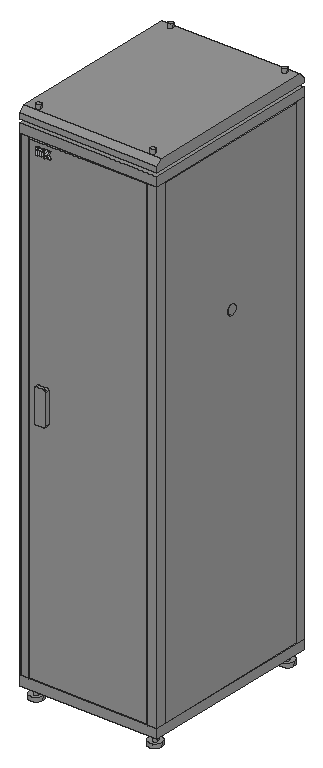
Revit family "ITK Шкаф сетевой 19 LINEA N 18U (600х600 мм и 600х800 мм) с металлической передней дверью", category Электрооборудование, Revit 2016
Family settings
  Тип детали = Другая панель
  Размер круглого соединителя = Использовать диаметр
  Номер OmniClass = 23.80.30.11.17
  Заголовок OmniClass = Distribution Boards and Control Panels
  На основе рабочей плоскости = Нет
  Всегда вертикально = Да
  При загрузке вырезать с полостями = Нет
  Общий = Нет
  Точка расчета площади = Нет
Parameters
  Ширина УГО = Ширина / 100  # 6 mm
  Ширина = 600 mm
  Степень защиты = "IP20"
  Смещение УГО по оси X [instance] = 1000 mm
  Основание = 50 mm
  Описание = "Напольные 19-дюймовые шкафы серии LINEA N применяются для размещения различного телекоммуникационного 19-дюймового активного и пассивного оборудования и небольших серверов, а также специализированного оборудования стандарта 19 дюймов, и отлично подходят для размещения как в офисных помещениях, так и в специализированных серверных комнатах.\r\n\r\nШирокий диапазон типоразмеров и модификаций сетевых шкафов, а также наличие большого количества комплектующих и аксессуаров к ним позволяет заказчику подобрать необходимую спецификацию в соответствии со стоящими перед ним задачами, а соответствие международным стандартам, таким как ISO9001, IEC 297, ISO/IEC 1180, обеспечивает совместимость с компонентами СКС и оборудованием других производителей.\r\n\r\nШкафы LINEA N обладают современным привлекательным дизайном и технологичной, но в то же время простой и удобной конструкцией, которая дает возможность эффективно справляться с задачами быстрого монтажа, администрирования и оперативного изменения конфигурации 19-дюймового оборудования, задачей защиты этого оборудования и поддержания для него оптимального температурного режима. Доступ внутрь шкафа возможен со всех сторон, для ввода кабеля предусмотрены вводы в верхней и нижней части. Сборка шкафа осуществляется одним специалистом и занимает не более 20 минут.\r\nРегулируемые по глубине 19-дюймовые направляющие.\r\nСовременный привлекательный дизайн.\r\nМонтажные профили имеют разметку в юнитах (U).\r\nХорошая естественная вентиляция, возможность установки дополнительных вентиляторных модулей.\r\nБоковые стенки оснащены замком и защелками.\r\nВозможность замены регулируемых ножек на ролики с тормозом.\r\nСтатическая нагрузка до 1000 кг (ножки).\r\nСборка одним человеком за 20 минут.\r\nНаличие большого количества совместимых аксессуаров и комплектующих производства ITK.\r\nВозможно исполнение в двух цветах: сером (RAL7035) и черном (RAL9005).\r\nРасширенная гарантия до 10 лет."  # constant formula
  Материал = Окраска - RAL 7035
  Крышка вентиляционная = 60 mm
  Type Comments = " "
  Assembly Code = ""
  Изготовитель = "ITK"  # constant formula
  Засечка УГО = 1.2 mm  # constant formula
  Model = ""
  Глубина УГО = Глубина / 100  # 8 mm
  Глубина = 800 mm
  Высота = 2312 mm
  Вид установки = "Напольный"
  URL = "http://www.itk-group.ru/produktsiya/catalog/?page=section&id=450&pagen=1&pagec=100"
  ADSK_Ток = ADSK_Номинальная мощность / (ADSK_Коэффициент мощности * ADSK_Напряжение * sqrt(ADSK_Количество фаз числовое))  # 0 A
  ADSK_Примечание = ""
  ADSK_Полная мощность = ADSK_Номинальная мощность / ADSK_Коэффициент мощности  # 0 VA
  ADSK_Позиция [instance] = ""
  ADSK_Номинальная мощность = 0 W
  ADSK_Напряжение = 220 V
  ADSK_Наименование краткое = "LN35-47U68-M"
  ADSK_Наименование = "ITK Шкаф сетевой 19\" LINEA N 47U 600х800 мм, металлическая передняя дверь, серый"
  ADSK_Масса = 0
  ADSK_Марка = "LN35-47U68-M"
  ADSK_Коэффициент мощности = 1
  ADSK_Количество фаз числовое = 1
  ADSK_Количество фаз = 1
  ADSK_Код изделия = ""
  ADSK_Классификация нагрузок = Прочее
  ADSK_Завод-изготовитель = "IEK"
  ADSK_Единица измерения = "шт"
  ADSK_Группирование = "I. ЩИТЫ И ПУЛЬТЫ"
Reference planes
  plane 1 "По центру (Вперед/Назад)": y = 0
  plane 2: z = 0
  plane 3 "По центру (Влево/Вправо)": x = 0
  plane 4: x = -300
  plane 5: x = 300
  plane 6: y = 400
  plane 7: y = -400
  plane 8: z = 2312
  plane 9: z = 250
  plane 10: z = 2252
  plane 11: z = 50
  plane 12 "Смещение УГО по оси X": x = -1000
Forms (mm)
  Extrusion 1, solid, detail levels coarse+medium
    sketch origin (0, 0, 0) x (1, 0, 0) y (0, 1, 0)
      loop
        line (-300, 400) -> (-300, -400) -> (300, -400) -> (300, 400) -> (-300, 400)
    from 0 to 2312 <- "Высота"
Lines and regions (mm)
  reference lines
    curve 1: line (0, 143.024, 0) -> (0, -296.976, 0)
Dimensions and locks
  equal spacing: plane 7, plane 1 "По центру (Вперед/Назад)", plane 6
  "Глубина": plane 7 to plane 6
  equal spacing: plane 4, plane 3 "По центру (Влево/Вправо)", plane 5
  "Ширина": plane 4 to plane 5
  "Крышка вентиляционная": plane 8 to plane 10
  "Основание": plane 11 to plane 2
  "Высота": plane 8 to plane 2
  plane 12 "Смещение УГО по оси X" to plane 3 "По центру (Влево/Вправо)" = 1000 mm
  "Смещение УГО по оси X": plane 12 "Смещение УГО по оси X" to curve 1
  aligned and locked: level to plane 2
  aligned and locked: plane 1 "По центру (Вперед/Назад)" to nested 1
  aligned and locked: plane 3 "По центру (Влево/Вправо)" to nested 1
  aligned and locked: plane 3 "По центру (Влево/Вправо)" to nested 2
  aligned and locked: plane 1 "По центру (Вперед/Назад)" to nested 2
  aligned and locked: plane 1 "По центру (Вперед/Назад)" to nested 3
  aligned and locked: plane 3 "По центру (Влево/Вправо)" to nested 3
  aligned and locked: plane 1 "По центру (Вперед/Назад)" to nested 4
  aligned and locked: plane 3 "По центру (Влево/Вправо)" to nested 4
  aligned and locked: plane 3 "По центру (Влево/Вправо)" to nested 5
  aligned and locked: plane 1 "По центру (Вперед/Назад)" to nested 5
  aligned and locked: plane 1 "По центру (Вперед/Назад)" to nested 6
  aligned and locked: plane 3 "По центру (Влево/Вправо)" to nested 6
  aligned and locked: plane 1 "По центру (Вперед/Назад)" to nested 7
  aligned and locked: plane 3 "По центру (Влево/Вправо)" to nested 7
  aligned and locked: Extrusion 1 sketch curve to plane 4
  aligned and locked: Extrusion 1 sketch curve to plane 6
  aligned and locked: plane 7 to Extrusion 1 sketch curve
  aligned and locked: plane 5 to Extrusion 1 sketch curve
  aligned and locked: Extrusion 1 to level
  aligned and locked: plane 1 "По центру (Вперед/Назад)" to nested 8
  aligned and locked: nested 1 to nested 4
  aligned and locked: nested 8 to curve 1
Automatic sketch dimensions
  curve 1 to plane 7 = 103.024 mm
  curve 1 to plane 1 "По центру (Вперед/Назад)" = 143.024 mm
Nested families
  nested 1: "Стойка_комплект 4шт" at (0, 0, 0), type "Стойка_комплект 4шт", detail levels fine
    with Основание 50 mm, Глубина 800 mm, Высота 2312 mm
  nested 2: "Панель боковая_2шт" at (0, 0, 0), type "Панель боковая_2шт", detail levels fine
    with Основание 50 mm, Крыша вентиляционная 60 mm, Глубина 800 mm, Высота 2312 mm
  nested 3: "Панель задняя" at (0, 0, 0), type "Панель задняя", detail levels fine
    with Основание 50 mm, Крыша вентиляционная 60 mm, Глубина 800 mm, Высота 2312 mm
  nested 4: "Основание_2шт" at (0, 0, 0), type "Основание_2шт", detail levels fine
    with Крыша вентиляционная 60 mm, Глубина 800 mm, Высота 2312 mm
  nested 5: "Крыша вентиляционная" at (0, 0, 0), type "Крыша вентиляционная", detail levels fine
    with Крыша вентиляционная 60 mm, Глубина 800 mm, Высота 2312 mm
  nested 6: "Ножки" at (0, 0, 0), type "Ножки", detail levels fine
    with Крыша вентиляционная 60 mm, Глубина 800 mm, Высота 2312 mm
  nested 7: "Комплект двери металлической" at (0, 0, 0), type "Комплект двери металлической", detail levels fine
  nested 8: "УГО (одна дверь)" at (0, 0, 0), type "УГО (одна дверь)", detail levels coarse+medium
    with Ширина УГО 6 mm, Засечка УГО 1.2 mm, Глубина УГО 8 mm
Connectors
  electrical at (0, 400, 1156), driven by "ADSK_Напряжение", driven by "ADSK_Количество фаз", driven by "ADSK_Коэффициент мощности", driven by "ADSK_Классификация нагрузок", driven by "ADSK_Полная мощность"
    settings: on Extrusion 1, index 1, voltage 220 V, apparent load 0 VA, apparent load phase1 0 VA, apparent load phase2 0 VA, apparent load phase3 0 VA, power factor 1, load classification "Прочее", number of poles 1, system type 31, power factor state 1, is connector primary yes, connector utility no, sub classification motor no, connector description ""
Definition of nested family "Стойка_комплект 4шт"
  Parameters
    Ширина = 600 mm
    Основание = 150 mm
    Материал = none
    Крыша вентиляционная = 60 mm
    Глубина = 600 mm
    Высота = 2200 mm
  Reference planes
    plane 1 "По центру (Вперед/Назад)": y = 0
    plane 2: z = 0
    plane 3 "По центру (Влево/Вправо)": x = 0
    plane 4: x = -300
    plane 5: x = 300
    plane 6: y = 300
    plane 7: y = -300
    plane 8: y = 260
    plane 9: y = -260
    plane 10: x = -260
    plane 11: x = 260
    plane 12: z = 2100
    plane 13: z = 190
    plane 14: z = 150
    plane 15: z = 2140
    plane 16: z = 2200
  Forms (mm)
    Extrusion 1, solid, material <- "Материал"
      sketch origin (0, 0, 0) x (1, 0, 0) y (0, 1, 0)
        loop
          line (-300, -260) -> (-300, -300) -> (-260, -300) -> (-260, -280) -> (-245, -280) -> (-245, -260) -> (-260, -260) -> (-260, -245) -> (-270, -245) -> (-270, -260) -> (-300, -260)
        loop
          line (300, -260) -> (270, -260) -> (270, -245) -> (260, -245) -> (260, -260) -> (245, -260) -> (245, -280) -> (260, -280) -> (260, -300) -> (300, -300) -> (300, -260)
        loop
          line (300, 260) -> (300, 300) -> (260, 300) -> (260, 270) -> (245, 270) -> (245, 260) -> (260, 260) -> (260, 245) -> (270, 245) -> (270, 260) -> (300, 260)
        loop
          line (-300, 260) -> (-270, 260) -> (-270, 245) -> (-260, 245) -> (-260, 260) -> (-245, 260) -> (-245, 270) -> (-260, 270) -> (-260, 300) -> (-300, 300) -> (-300, 260)
        loop
          line (297, 297) -> (263, 297) -> (263, 267) -> (248, 267) -> (248, 263) -> (263, 263) -> (263, 248) -> (267, 248) -> (267, 263) -> (297, 263) -> (297, 297)
        loop
          line (-263, 297) -> (-297, 297) -> (-297, 263) -> (-267, 263) -> (-267, 248) -> (-263, 248) -> (-263, 263) -> (-248, 263) -> (-248, 267) -> (-263, 267) -> (-263, 297)
        loop
          line (-297, -263) -> (-297, -297) -> (-263, -297) -> (-263, -277) -> (-248, -277) -> (-248, -263) -> (-263, -263) -> (-263, -248) -> (-267, -248) -> (-267, -263) -> (-297, -263)
        loop
          line (263, -297) -> (297, -297) -> (297, -263) -> (267, -263) -> (267, -248) -> (263, -248) -> (263, -263) -> (248, -263) -> (248, -277) -> (263, -277) -> (263, -297)
      from 190 to 2100
  Dimensions and locks
    equal spacing: plane 7, plane 1 "По центру (Вперед/Назад)", plane 6
    equal spacing: plane 4, plane 3 "По центру (Влево/Вправо)", plane 5
    "Ширина": plane 4 to plane 5
    "Глубина": plane 7 to plane 6
    locked: plane 7 to plane 9 at 40
    locked: plane 6 to plane 8 at 40
    locked: plane 11 to plane 5 at 40
    locked: plane 4 to plane 10 at 40
    locked: plane 15 to plane 12 at 40
    "Крыша вентиляционная": plane 16 to plane 15
    locked: plane 13 to plane 14 at 40
    "Основание": plane 14 to plane 2
    "Высота": plane 16 to plane 2
    aligned and locked: level to plane 2
    aligned and locked: plane 9 to Extrusion 1 sketch curve
    aligned and locked: plane 4 to Extrusion 1 sketch curve
    aligned and locked: Extrusion 1 sketch curve to plane 7
    aligned and locked: plane 5 to Extrusion 1 sketch curve
    aligned and locked: plane 8 to Extrusion 1 sketch curve  (x2)
    aligned and locked: Extrusion 1 sketch curve to plane 11  (x2)
    aligned and locked: Extrusion 1 sketch curve to plane 6
    aligned and locked: plane 10 to Extrusion 1 sketch curve  (x2)
    aligned and locked: Extrusion 1 sketch curve to plane 8  (x2)
    aligned and locked: plane 6 to Extrusion 1 sketch curve
    aligned and locked: Extrusion 1 sketch curve to plane 4
    aligned and locked: plane 7 to Extrusion 1 sketch curve
    aligned and locked: Extrusion 1 sketch curve to plane 5
    aligned and locked: Extrusion 1 sketch curve to plane 9
    aligned and locked: plane 11 to Extrusion 1 sketch curve
    aligned and locked: plane 12 to Extrusion 1
    aligned and locked: Extrusion 1 to plane 13
  Automatic sketch dimensions
    Extrusion 1 sketch curve to plane 10 = 0 mm  (x2)
    plane 9 to Extrusion 1 sketch curve = 0 mm  (x2)
    Extrusion 1 sketch curve to plane 11 = 0 mm
    plane 4 to Extrusion 1 sketch curve = 3 mm  (x2)
    Extrusion 1 sketch curve to plane 10 = 10 mm  (x2)
    Extrusion 1 sketch curve to Extrusion 1 sketch curve = 3 mm  (x16)
    Extrusion 1 sketch curve to plane 10 = 3 mm  (x4)
    plane 10 to Extrusion 1 sketch curve = 12 mm  (x2)
    Extrusion 1 sketch curve to Extrusion 1 sketch curve = 15 mm  (x2)
    Extrusion 1 sketch curve to plane 11 = 3 mm  (x4)
    Extrusion 1 sketch curve to Extrusion 1 sketch curve = 4 mm  (x4)
    plane 5 to Extrusion 1 sketch curve = 3 mm  (x2)
    Extrusion 1 sketch curve to plane 7 = 3 mm  (x2)
    Extrusion 1 sketch curve to plane 7 = 20 mm  (x2)
    plane 9 to Extrusion 1 sketch curve = 3 mm  (x4)
    Extrusion 1 sketch curve to plane 9 = 12 mm  (x2)
    Extrusion 1 sketch curve to plane 8 = 15 mm  (x2)
    plane 8 to Extrusion 1 sketch curve = 3 mm  (x4)
    Extrusion 1 sketch curve to plane 6 = 3 mm  (x2)
Definition of nested family "Панель боковая_2шт"
  Parameters
    Ширина = 600 mm
    Основание = 150 mm
    Материал = none
    Крыша вентиляционная = 80 mm
    Глубина = 600 mm
    Высота = 1800 mm
  Reference planes
    plane 1 "По центру (Вперед/Назад)": y = 0
    plane 2: z = 0
    plane 3 "По центру (Влево/Вправо)": x = 0
    plane 4: x = -300
    plane 5: x = 300
    plane 6: y = 300
    plane 7: y = -300
    plane 8: y = 260
    plane 9: y = -260
    plane 10: x = -260
    plane 11: x = 260
    plane 12: z = 1680
    plane 13: z = 190
    plane 14: z = 1675
    plane 15: z = 195
    plane 16: z = 150
    plane 17: z = 1720
    plane 18: z = 1800
    plane 19: z = 1250
    plane 20: z = 700
  Forms (mm)
    Extrusion 1, solid, material <- "Материал"
      sketch origin (0, 0, 0) x (1, 0, 0) y (0, 1, 0)
        loop
          line (-300, 255) -> (-300, -255) -> (-269.98, -255) -> (-269.98, -245) -> (-289.98, -245) -> (-289.98, 245) -> (-270, 245) -> (-270, 255) -> (-300, 255)
        loop
          line (300, 255) -> (269.98, 255) -> (269.98, 245) -> (289.98, 245) -> (289.98, -245) -> (269.98, -245) -> (269.98, -255) -> (300, -255) -> (300, 255)
      from 195 to 1675
  Dimensions and locks
    equal spacing: plane 7, plane 1 "По центру (Вперед/Назад)", plane 6
    equal spacing: plane 4, plane 3 "По центру (Влево/Вправо)", plane 5
    "Ширина": plane 4 to plane 5
    "Глубина": plane 7 to plane 6
    locked: plane 7 to plane 9 at 40
    locked: plane 6 to plane 8 at 40
    locked: plane 11 to plane 5 at 40
    locked: plane 4 to plane 10 at 40
    locked: plane 12 to plane 14 at 5
    locked: plane 15 to plane 13 at 5
    locked: plane 13 to plane 16 at 40
    "Основание": plane 16 to plane 2
    locked: plane 17 to plane 12 at 40
    "Крыша вентиляционная": plane 18 to plane 17
    equal spacing: plane 18, plane 19, plane 20, plane 16
    "Высота": plane 18 to plane 2
    aligned and locked: level to plane 2
    aligned and locked: plane 4 to Extrusion 1 sketch curve
    aligned and locked: Extrusion 1 sketch curve to plane 5
    aligned and locked: plane 14 to Extrusion 1
    aligned and locked: Extrusion 1 to plane 15
    aligned and locked: nested 2 to plane 1 "По центру (Вперед/Назад)"
    aligned and locked: nested 2 to plane 19
    aligned and locked: nested 1 to plane 19
    aligned and locked: plane 1 "По центру (Вперед/Назад)" to nested 1
  Automatic sketch dimensions
    plane 4 to Extrusion 1 sketch curve = 10.02 mm
    Extrusion 1 sketch curve to plane 10 = 10 mm
    Extrusion 1 sketch curve to plane 10 = 9.98 mm
    Extrusion 1 sketch curve to plane 11 = 9.98 mm  (x2)
    plane 5 to Extrusion 1 sketch curve = 10.02 mm
    Extrusion 1 sketch curve to plane 9 = 15 mm  (x2)
    Extrusion 1 sketch curve to plane 8 = 15 mm  (x2)
    Extrusion 1 sketch curve to plane 9 = 5 mm  (x2)
    Extrusion 1 sketch curve to plane 8 = 5 mm  (x2)
  Nested families
    nested 1: "Замок" at (-300, 0, 1250) x (0, -1, 0) z (-1, 0, 0), type "Замок"
    nested 2: "Замок" at (300, 0, 1250) x (0, 1, 0) z (1, 0, 0), type "Замок"
  Definition of nested family "Замок"
    Parameters
      Default Elevation = 1219.2 mm
      Материал = none
    Reference planes
      plane 1 "По центру (Вперед/Назад)": y = 0
      plane 2: z = 0
      plane 3 "По центру (Влево/Вправо)": x = 0
    Forms (mm)
      Extrusion 1, solid
        sketch origin (0, 0, 0) x (1, 0, 0) y (0, 1, 0)
          loop
            line (-1219.2, 1219.2) -> (-1219.2, -1219.2) -> (1219.2, -1219.2) -> (1219.2, 1219.2) -> (-1219.2, 1219.2)
        from 0 to -304.8
      Extrusion 2, solid, material <- "Материал"
        sketch origin (0, 0, 0) x (1, 0, 0) y (0, 1, 0)
          loop
            circle (0, 0) r 20
          loop
            line (3, 8.219) -> (-3, 8.219) -> (-3, -8.219) -> (3, -8.219) -> (3, 8.219)
        from 0 to 7
    Dimensions and locks
      aligned and locked: plane 2 to Extrusion 1
      aligned and locked: level to Extrusion 1
Definition of nested family "Панель задняя"
  Parameters
    Ширина = 600 mm
    Основание = 150 mm
    Материал = none
    Крыша вентиляционная = 45 mm
    Глубина = 600 mm
    Высота = 1800 mm
  Reference planes
    plane 1 "По центру (Вперед/Назад)": y = 0
    plane 2: z = 0
    plane 3 "По центру (Влево/Вправо)": x = 0
    plane 4: x = -300
    plane 5: x = 300
    plane 6: y = 300
    plane 7: y = -300
    plane 8: y = 260
    plane 9: y = -260
    plane 10: x = -260
    plane 11: x = 260
    plane 12: z = 1715
    plane 13: z = 190
    plane 14: z = 1710
    plane 15: z = 195
    plane 16: z = 1755
    plane 17: z = 1800
    plane 18: z = 150
    plane 19: z = 240
    plane 20: z = 320
    plane 21: z = 370
    plane 22: z = 1665
    plane 23: z = 1585
    plane 24: z = 1535
    plane 25: z = 952.5
    plane 26: x = 140
    plane 27: x = -140
  Forms (mm)
    Extrusion 1, solid, material <- "Материал"
      sketch origin (0, 0, 0) x (1, 0, 0) y (0, 1, 0)
        loop
          line (-255, 300) -> (-255, 270) -> (-245, 270) -> (-245, 290) -> (245, 290) -> (245, 270) -> (255, 270) -> (255, 300) -> (-255, 300)
      from 195 to 1710
    Extrusion 2, void
      sketch origin (0, 0, 0) x (1, 0, 0) y (0, 0, 1)
        loop
          line (-255, 372.527) -> (-255, 367.473) -> (255, 367.473) -> (255, 372.527) -> (-255, 372.527)
        loop
          line (-175, 320) -> (-175, 240) -> (175, 240) -> (175, 320) -> (-175, 320)
        loop
          line (-170, 245) -> (170, 245) -> (170, 315) -> (-170, 315) -> (-170, 245)
        loop
          line (-255, 1532.473) -> (255, 1532.473) -> (255, 1537.527) -> (-255, 1537.527) -> (-255, 1532.473)
        loop
          line (-175, 1585) -> (175, 1585) -> (175, 1665) -> (-175, 1665) -> (-175, 1585)
        loop
          line (-170, 1660) -> (-170, 1590) -> (170, 1590) -> (170, 1660) -> (-170, 1660)
      from -300 to -293
  Cuts and joins
    Extrusion 2 cuts Extrusion 1
  Dimensions and locks
    equal spacing: plane 7, plane 1 "По центру (Вперед/Назад)", plane 6
    equal spacing: plane 4, plane 3 "По центру (Влево/Вправо)", plane 5
    "Ширина": plane 4 to plane 5
    "Глубина": plane 7 to plane 6
    locked: plane 7 to plane 9 at 40
    locked: plane 6 to plane 8 at 40
    locked: plane 11 to plane 5 at 40
    locked: plane 4 to plane 10 at 40
    locked: plane 12 to plane 14 at 5
    locked: plane 15 to plane 13 at 5
    locked: plane 16 to plane 12 at 40
    "Крыша вентиляционная": plane 17 to plane 16
    locked: plane 13 to plane 18 at 40
    "Основание": plane 18 to plane 2
    equal spacing: Extrusion 2 sketch curve, plane 21, Extrusion 2 sketch curve
    locked: Extrusion 2 sketch curve to Extrusion 2 sketch curve at 5.053  (x2)
    equal spacing: Extrusion 2 sketch curve, plane 3 "По центру (Влево/Вправо)", Extrusion 2 sketch curve  (x2)
    locked: Extrusion 2 sketch curve to Extrusion 2 sketch curve at 350  (x2)
    locked: plane 19 to plane 13 at 50
    locked: plane 21 to plane 20 at 50
    locked: plane 20 to plane 19 at 80
    locked: plane 23 to plane 24 at 50
    locked: plane 12 to plane 22 at 50
    locked: plane 22 to plane 23 at 80
    equal spacing: Extrusion 2 sketch curve, plane 24, Extrusion 2 sketch curve
    locked: plane 27 to plane 10 at 120
    locked: plane 26 to plane 11 at 120
    "Высота": plane 17 to plane 2
    equal spacing: plane 18, plane 25, plane 16
    aligned and locked: level to plane 2
    aligned and locked: Extrusion 1 sketch curve to plane 6
    aligned and locked: plane 14 to Extrusion 1
    aligned and locked: Extrusion 1 to plane 15
    aligned and locked: Extrusion 2 sketch curve to Extrusion 1  (x2)
    aligned and locked: Extrusion 2 sketch curve to plane 20
    aligned and locked: plane 19 to Extrusion 2 sketch curve
    aligned and locked: plane 6 to Extrusion 2
    aligned and locked: Extrusion 2 sketch curve to plane 23
    aligned and locked: plane 22 to Extrusion 2 sketch curve
    aligned and locked: nested 2 to plane 25
    aligned and locked: plane 26 to nested 2
    aligned and locked: nested 1 to plane 25
    aligned and locked: nested 1 to plane 27
  Automatic sketch dimensions
    plane 10 to Extrusion 1 sketch curve = 5 mm
    Extrusion 1 sketch curve to Extrusion 1 sketch curve = 10 mm
    plane 11 to Extrusion 1 sketch curve = 15 mm
    plane 11 to Extrusion 1 sketch curve = 5 mm
    Extrusion 1 sketch curve to plane 6 = 10 mm
    plane 8 to Extrusion 1 sketch curve = 10 mm  (x2)
    plane 10 to Extrusion 2 sketch curve = 5 mm
    Extrusion 2 sketch curve to Extrusion 2 sketch curve = 5 mm  (x4)
    plane 11 to Extrusion 2 sketch curve = 5 mm
    plane 19 to Extrusion 2 sketch curve = 5 mm
    Extrusion 2 sketch curve to plane 20 = 5 mm
    plane 23 to Extrusion 2 sketch curve = 5 mm
    Extrusion 2 sketch curve to plane 22 = 5 mm
  Nested families
    nested 1: "Замок" at (-140, 300, 952.5) x (-1, 0, 0) z (0, 1, 0), type "Замок"
    nested 2: "Замок" at (140, 300, 952.5) x (-1, 0, 0) z (0, 1, 0), type "Замок"
  Definition of nested family "Замок"
    Parameters
      Default Elevation = 1219.2 mm
      Материал = none
    Reference planes
      plane 1 "По центру (Вперед/Назад)": y = 0
      plane 2: z = 0
      plane 3 "По центру (Влево/Вправо)": x = 0
    Forms (mm)
      Extrusion 1, solid
        sketch origin (0, 0, 0) x (1, 0, 0) y (0, 1, 0)
          loop
            line (-1219.2, 1219.2) -> (-1219.2, -1219.2) -> (1219.2, -1219.2) -> (1219.2, 1219.2) -> (-1219.2, 1219.2)
        from 0 to -304.8
      Extrusion 2, solid, material <- "Материал"
        sketch origin (0, 0, 0) x (1, 0, 0) y (0, 1, 0)
          loop
            circle (0, 0) r 20
          loop
            line (3, 8.219) -> (-3, 8.219) -> (-3, -8.219) -> (3, -8.219) -> (3, 8.219)
        from 0 to 7
    Dimensions and locks
      aligned and locked: plane 2 to Extrusion 1
      aligned and locked: level to Extrusion 1
Definition of nested family "Основание_2шт"
  Parameters
    Ширина = 600 mm
    Основание = 50 mm
    Материал = none
    Крыша вентиляционная = 100 mm
    Глубина = 600 mm
    Высота = 1800 mm
  Reference planes
    plane 1 "По центру (Вперед/Назад)": y = 0
    plane 2: z = 0
    plane 3 "По центру (Влево/Вправо)": x = 0
    plane 4: x = -300
    plane 5: x = 300
    plane 6: y = 300
    plane 7: y = -300
    plane 8: y = 260
    plane 9: y = -260
    plane 10: x = -260
    plane 11: x = 260
    plane 12: z = 1800
    plane 13: z = 90
    plane 14: z = 50
    plane 15: z = 1700
    plane 16: z = 1660
    plane 17: z = 1655
    plane 18: z = 95
  Forms (mm)
    Extrusion 1, solid, material <- "Материал"
      sketch origin (0, 0, 0) x (1, 0, 0) y (0, 0, 1)
        loop
          line (-300, 1700) -> (-300, 1660) -> (300, 1660) -> (300, 1700) -> (-300, 1700)
        loop
          line (-300, 90) -> (-300, 50) -> (300, 50) -> (300, 90) -> (-300, 90)
      from -300 to 300
    Extrusion 2, solid, material <- "Материал"
      sketch origin (-1511.359, -1524, 1660) x (-1, 0, 0) y (0, -1, 0)
        loop
          line (-1771.359, -1769) -> (-1771.359, -1784) -> (-1756.359, -1784) -> (-1756.359, -1814) -> (-1266.359, -1814) -> (-1266.359, -1784) -> (-1251.359, -1784) -> (-1251.359, -1769) -> (-1221.359, -1769) -> (-1221.359, -1279) -> (-1251.359, -1279) -> (-1251.359, -1264) -> (-1266.359, -1264) -> (-1266.359, -1244) -> (-1756.359, -1244) -> (-1756.359, -1264) -> (-1771.359, -1264) -> (-1771.359, -1279) -> (-1801.359, -1279) -> (-1801.359, -1769) -> (-1771.359, -1769)
      from -5 to 0
    Extrusion 3, solid, material <- "Материал"
      sketch origin (-1511.359, -1524, 384.733) x (0, 1, 0) y (1, 0, 0)
        loop
          line (1769, 1771.359) -> (1769, 1801.359) -> (1279, 1801.359) -> (1279, 1771.359) -> (1264, 1771.359) -> (1264, 1756.359) -> (1244, 1756.359) -> (1244, 1266.359) -> (1264, 1266.359) -> (1264, 1251.359) -> (1279, 1251.359) -> (1279, 1221.359) -> (1769, 1221.359) -> (1769, 1251.359) -> (1784, 1251.359) -> (1784, 1266.359) -> (1814, 1266.359) -> (1814, 1756.359) -> (1784, 1756.359) -> (1784, 1771.359) -> (1769, 1771.359)
      from 289.733 to 294.733
  Dimensions and locks
    equal spacing: plane 7, plane 1 "По центру (Вперед/Назад)", plane 6
    equal spacing: plane 4, plane 3 "По центру (Влево/Вправо)", plane 5
    "Ширина": plane 4 to plane 5
    "Глубина": plane 7 to plane 6
    locked: plane 7 to plane 9 at 40
    locked: plane 6 to plane 8 at 40
    locked: plane 11 to plane 5 at 40
    locked: plane 4 to plane 10 at 40
    "Основание": plane 14 to plane 2
    locked: plane 13 to plane 14 at 40
    locked: plane 15 to plane 16 at 40
    "Крыша вентиляционная": plane 12 to plane 15
    locked: plane 16 to plane 17 at 5
    locked: plane 18 to plane 13 at 5
    "Высота": plane 12 to plane 2
    aligned and locked: level to plane 2
    aligned and locked: Extrusion 1 sketch curve to plane 15
    aligned and locked: plane 4 to Extrusion 1 sketch curve  (x2)
    aligned and locked: plane 16 to Extrusion 1 sketch curve
    aligned and locked: plane 5 to Extrusion 1 sketch curve  (x2)
    aligned and locked: Extrusion 1 sketch curve to plane 13
    aligned and locked: plane 14 to Extrusion 1 sketch curve
    aligned and locked: plane 6 to Extrusion 1
    aligned and locked: plane 7 to Extrusion 1
    aligned and locked: plane 9 to Extrusion 2 sketch curve
    aligned and locked: Extrusion 2 sketch curve to plane 9
    aligned and locked: Extrusion 2 sketch curve to plane 10
    aligned and locked: plane 11 to Extrusion 2 sketch curve
    aligned and locked: Extrusion 2 sketch curve to plane 11
    aligned and locked: plane 8 to Extrusion 2 sketch curve
    aligned and locked: Extrusion 2 sketch curve to plane 8
    aligned and locked: plane 10 to Extrusion 2 sketch curve
    aligned and locked: plane 16 to Extrusion 2
    aligned and locked: Extrusion 2 to plane 17
    aligned and locked: Extrusion 3 to plane 13
    aligned and locked: plane 18 to Extrusion 3
    aligned and locked: Extrusion 2 sketch curve to Extrusion 3
  Automatic sketch dimensions
    plane 5 to Extrusion 2 sketch curve = 10 mm
    Extrusion 2 sketch curve to Extrusion 2 sketch curve = 15 mm  (x2)
    plane 10 to Extrusion 2 sketch curve = 15 mm  (x2)
    plane 4 to Extrusion 2 sketch curve = 10 mm
    Extrusion 2 sketch curve to plane 6 = 10 mm
    Extrusion 2 sketch curve to plane 8 = 15 mm  (x2)
    Extrusion 2 sketch curve to plane 9 = 15 mm  (x2)
    plane 9 to Extrusion 3 sketch curve = 0 mm  (x2)
    Extrusion 3 sketch curve to plane 11 = 0 mm  (x2)
    Extrusion 3 sketch curve to plane 10 = 0 mm  (x2)
    Extrusion 3 sketch curve to plane 8 = 0 mm  (x2)
    Extrusion 3 sketch curve to plane 7 = 20 mm
    Extrusion 3 sketch curve to plane 9 = 15 mm  (x2)
    Extrusion 3 sketch curve to Extrusion 3 sketch curve = 15 mm  (x3)
    Extrusion 3 sketch curve to plane 8 = 15 mm
    Extrusion 3 sketch curve to plane 6 = 10 mm
    plane 5 to Extrusion 3 sketch curve = 10 mm
    plane 10 to Extrusion 3 sketch curve = 15 mm  (x2)
    plane 4 to Extrusion 3 sketch curve = 10 mm
Definition of nested family "Крыша вентиляционная"
  Parameters
    Ширина = 600 mm
    Основание = 50 mm
    Материал = none
    Крыша вентиляционная = 65 mm
    Глубина = 600 mm
    Высота = 1805 mm
  Reference planes
    plane 1 "По центру (Вперед/Назад)": y = 0
    plane 2: z = 0
    plane 3 "По центру (Влево/Вправо)": x = 0
    plane 4: x = -300
    plane 5: x = 300
    plane 6: y = 300
    plane 7: y = -300
    plane 8: y = 260
    plane 9: y = -260
    plane 10: x = -260
    plane 11: x = 260
    plane 12: z = 1805
    plane 13: z = 50
    plane 14: z = 1740
    plane 15: z = 1820
    plane 16: z = 1755
  Forms (mm)
    Extrusion 1, solid, material <- "Материал"
      sketch origin (-1511.359, -1524, 1710) x (-1, 0, 0) y (0, -1, 0)
        loop
          circle (-1761.359, -1784) r 10
        loop
          circle (-1761.359, -1264) r 10
        loop
          circle (-1261.359, -1784) r 10
        loop
          circle (-1261.359, -1264) r 10
      from 30 to 110
    Extrusion 2, solid, material <- "Материал"
      sketch origin (0, 0, 0) x (0, 1, 0) y (0, 0, 1)
        loop
          line (-275, 1805) -> (-300, 1780) -> (-300, 1755) -> (300, 1755) -> (300, 1780) -> (275, 1805) -> (-275, 1805)
      from -300 to 300
  Cuts and joins
    joined: Extrusion 1, Extrusion 2
  Dimensions and locks
    equal spacing: plane 7, plane 1 "По центру (Вперед/Назад)", plane 6
    equal spacing: plane 4, plane 3 "По центру (Влево/Вправо)", plane 5
    "Ширина": plane 4 to plane 5
    "Глубина": plane 7 to plane 6
    locked: plane 7 to plane 9 at 40
    locked: plane 6 to plane 8 at 40
    locked: plane 11 to plane 5 at 40
    locked: plane 4 to plane 10 at 40
    "Основание": plane 13 to plane 2
    "Крыша вентиляционная": plane 12 to plane 14
    locked: plane 15 to plane 12 at 15
    locked: plane 16 to plane 14 at 15
    equal spacing: plane 12, Extrusion 2 sketch curve, plane 16  (x2)
    "Высота": plane 12 to plane 2
    locked: plane 12 to Extrusion 2 sketch curve (angle 45.00°)
    locked: Extrusion 2 sketch curve to plane 12 (angle 45.00°)
    aligned and locked: level to plane 2
    aligned and locked: Extrusion 1 to plane 14
    aligned and locked: plane 15 to Extrusion 1
    aligned and locked: Extrusion 2 sketch curve to plane 12
    aligned and locked: Extrusion 2 sketch curve to plane 7
    aligned and locked: plane 16 to Extrusion 2 sketch curve
    aligned and locked: Extrusion 2 sketch curve to plane 6
    aligned and locked: Extrusion 2 to plane 4
    aligned and locked: Extrusion 2 to plane 5
  Automatic sketch dimensions
    plane 9 to Extrusion 1 sketch curve = 0 mm  (x2)
    Extrusion 1 sketch curve to plane 8 = 0 mm  (x2)
    plane 11 to Extrusion 1 sketch curve = 10 mm  (x2)
    plane 10 to Extrusion 1 sketch curve = 10 mm  (x2)
    radius of Extrusion 1 sketch curve = 10 mm  (x4)
Definition of nested family "Ножки"
  Parameters
    Ширина = 600 mm
    Основание = 50 mm
    Материал = none
    Крыша вентиляционная = 100 mm
    Глубина = 600 mm
    Высота = 1800 mm
  Reference planes
    plane 1 "По центру (Вперед/Назад)": y = 0
    plane 2: z = 0
    plane 3 "По центру (Влево/Вправо)": x = 0
    plane 4: x = -300
    plane 5: x = 300
    plane 6: y = 300
    plane 7: y = -300
    plane 8: y = 260
    plane 9: y = -260
    plane 10: x = -260
    plane 11: x = 260
    plane 12: z = 1850
    plane 13: z = 50
    plane 14: z = 15
  Forms (mm)
    Extrusion 1, solid, material <- "Материал"
      sketch origin (-1511.359, -1524, 1710) x (-1, 0, 0) y (0, -1, 0)
        loop
          circle (-1251.359, -1784) r 30
        loop
          circle (-1771.359, -1784) r 30
        loop
          circle (-1251.359, -1264) r 30
        loop
          circle (-1771.359, -1264) r 30
      from -1710 to -1695
    Extrusion 2, solid, material <- "Материал"
      sketch origin (-1511.359, -1524, 1710) x (-1, 0, 0) y (0, -1, 0)
        loop
          circle (-1251.359, -1784) r 10
        loop
          circle (-1771.359, -1784) r 10
        loop
          circle (-1251.359, -1264) r 10
        loop
          circle (-1771.359, -1264) r 10
      from -1695 to -1660
  Dimensions and locks
    equal spacing: plane 7, plane 1 "По центру (Вперед/Назад)", plane 6
    equal spacing: plane 4, plane 3 "По центру (Влево/Вправо)", plane 5
    "Ширина": plane 4 to plane 5
    "Глубина": plane 7 to plane 6
    locked: plane 7 to plane 9 at 40
    locked: plane 6 to plane 8 at 40
    locked: plane 11 to plane 5 at 40
    locked: plane 4 to plane 10 at 40
    "Основание": plane 13 to plane 2
    "Высота": plane 12 to plane 13
    locked: plane 14 to plane 2 at 15
    aligned and locked: level to plane 2
    aligned and locked: plane 10 to Extrusion 1 sketch curve  (x2)
    aligned and locked: plane 9 to Extrusion 1 sketch curve  (x2)
    aligned and locked: plane 11 to Extrusion 1 sketch curve  (x2)
    aligned and locked: plane 8 to Extrusion 1 sketch curve  (x2)
    aligned and locked: plane 10 to Extrusion 2 sketch curve  (x2)
    aligned and locked: plane 8 to Extrusion 2 sketch curve  (x2)
    aligned and locked: plane 11 to Extrusion 2 sketch curve  (x2)
    aligned and locked: plane 9 to Extrusion 2 sketch curve  (x2)
    aligned and locked: Extrusion 1 to level
    aligned and locked: plane 14 to Extrusion 1
    aligned and locked: Extrusion 2 to plane 14
    aligned and locked: plane 13 to Extrusion 2
  Automatic sketch dimensions
    radius of Extrusion 1 sketch curve = 30 mm  (x4)
    radius of Extrusion 2 sketch curve = 10 mm  (x4)
Definition of nested family "Комплект двери металлической"
  Parameters (values of type "Комплект двери металлической")
    Ширина = 600 mm
    Основание = 50 mm
    Материал = none
    Крыша вентиляционная = 60 mm
    Глубина = 800 mm
    Высота = 2312 mm
  Reference planes
    plane 1 "По центру (Вперед/Назад)": y = 0
    plane 2: z = 0
    plane 3 "По центру (Влево/Вправо)": x = 0
    plane 4: x = -300
    plane 5: x = 300
    plane 6: y = 400
    plane 7: y = -400
    plane 8: y = 360
    plane 9: y = -360
    plane 10: x = -260
    plane 11: x = 260
    plane 12: z = 2212
    plane 13: z = 90
    plane 14: z = 2207
    plane 15: z = 95
    plane 16: z = 2252
    plane 17: z = 2312
    plane 18: z = 50
    plane 19: z = 1181
    plane 20: x = -200
    plane 21: x = -140
    plane 22: x = 140
    plane 23: z = 2157
    plane 24: x = -224.198
  Forms (mm)
    Extrusion 1, solid, material <- "Материал"
      sketch origin (0, 0, 0) x (1, 0, 0) y (0, 1, 0)
        loop
          line (-235, -380) -> (-235, -365) -> (-245, -365) -> (-245, -380) -> (-255, -380) -> (-255, -400) -> (255, -400) -> (255, -380) -> (245, -380) -> (245, -365) -> (235, -365) -> (235, -380) -> (-235, -380)
      from 95 to 2207
  Dimensions and locks
    equal spacing: plane 7, plane 1 "По центру (Вперед/Назад)", plane 6
    equal spacing: plane 4, plane 3 "По центру (Влево/Вправо)", plane 5
    "Ширина": plane 4 to plane 5
    "Глубина": plane 7 to plane 6
    locked: plane 7 to plane 9 at 40
    locked: plane 6 to plane 8 at 40
    locked: plane 11 to plane 5 at 40
    locked: plane 4 to plane 10 at 40
    locked: plane 12 to plane 14 at 5
    locked: plane 15 to plane 13 at 5
    locked: plane 16 to plane 12 at 40
    "Крыша вентиляционная": plane 17 to plane 16
    locked: plane 13 to plane 18 at 40
    "Основание": plane 18 to plane 2
    equal spacing: plane 17, plane 19, plane 18
    locked: plane 4 to plane 21 at 160
    locked: plane 22 to plane 5 at 160
    locked: plane 4 to plane 20 at 100
    locked: plane 14 to plane 23 at 50
    "Высота": plane 17 to plane 2
    aligned and locked: level to plane 2
    aligned and locked: plane 14 to Extrusion 1
    aligned and locked: nested 1 to plane 23
    aligned and locked: plane 20 to nested 2
    aligned and locked: nested 2 to plane 19
  Automatic sketch dimensions
    plane 7 to Extrusion 1 sketch curve = 0 mm
    plane 10 to Extrusion 1 sketch curve = 5 mm
    Extrusion 1 sketch curve to Extrusion 1 sketch curve = 10 mm  (x3)
    plane 9 to Extrusion 1 sketch curve = 5 mm  (x2)
    plane 11 to Extrusion 1 sketch curve = 25 mm
    plane 11 to Extrusion 1 sketch curve = 5 mm
    Extrusion 1 sketch curve to plane 7 = 20 mm
    Extrusion 1 sketch curve to Extrusion 1 sketch curve = 15 mm
    Extrusion 1 sketch curve to Extrusion 1 sketch curve = 0 mm
  Nested families
    nested 1: "Логотип" at (-200, -400, 2157) x (1, 0, 0) z (0, -1, 0), type "Логотип"
    nested 2: "Ручка" at (-200, -400, 1181) x (1, 0, 0) z (0, -1, 0), type "Ручка"
  Definition of nested family "Логотип"
    Parameters
      Default Elevation = 1219.2 mm
      Материал = none
    Reference planes
      plane 1 "По центру (Вперед/Назад)": y = 0
      plane 2: z = 0
      plane 3 "По центру (Влево/Вправо)": x = 0
    Forms (mm)
      Extrusion 1, solid
        sketch origin (0, 0, 0) x (1, 0, 0) y (0, 1, 0)
          loop
            line (-1219.2, 1219.2) -> (-1219.2, -1219.2) -> (1219.2, -1219.2) -> (1219.2, 1219.2) -> (-1219.2, 1219.2)
        from 0 to -304.8
      Extrusion 2, solid, material <- "Материал"
        sketch origin (0, 0, 0) x (1, 0, 0) y (0, 1, 0)
          loop
            line (-24.198, 18.809) -> (-24.198, 0) -> (-15.975, 0) -> (-15.975, 18.809) -> (-24.198, 18.809)
          loop
            line (0.039, 18.809) -> (-7.705, 18.809) -> (-7.705, 0) -> (0.039, 0) -> (0.039, 18.809)
          loop
            line (-24.198, 21.431) -> (-15.975, 21.431) -> (-15.975, 29.41) -> (-24.198, 29.41) -> (-24.198, 21.431)
          loop
            line (8.482, 29.41) -> (8.482, 0) -> (16.233, 0) -> (16.233, 11.027) -> (19.197, 11.027) -> (26.358, 0) -> (35.802, 0) -> (25.102, 14.728) -> (35.802, 29.41) -> (26.358, 29.41) -> (19.197, 18.383) -> (16.233, 18.383) -> (16.233, 29.41) -> (8.482, 29.41)
          loop
            line (-13.581, 29.41) -> (-13.581, 21.431) -> (5.915, 21.431) -> (5.915, 29.41) -> (-13.581, 29.41)
        from 0 to 7
    Dimensions and locks
      aligned and locked: plane 2 to Extrusion 1
      aligned and locked: level to Extrusion 1
  Definition of nested family "Ручка"
    Parameters
      Default Elevation = 1219.2 mm
      Материал = none
    Reference planes
      plane 1 "По центру (Вперед/Назад)": y = 0
      plane 2: z = 0
      plane 3 "По центру (Влево/Вправо)": x = 0
    Forms (mm)
      Extrusion 1, solid
        sketch origin (0, 0, 0) x (1, 0, 0) y (0, 1, 0)
          loop
            line (-1219.2, 1219.2) -> (-1219.2, -1219.2) -> (1219.2, -1219.2) -> (1219.2, 1219.2) -> (-1219.2, 1219.2)
        from 0 to -304.8
      Extrusion 2, solid, material <- "Материал"
        sketch origin (0, 0, 0) x (1, 0, 0) y (0, 1, 0)
          loop
            arc (-15, 75) -> (-22.071, 72.071) -> (-25, 65) r 10
            line (-25, 65) -> (-25, -65)
            arc (-25, -65) -> (-22.071, -72.071) -> (-15, -75) r 10
            line (-15, -75) -> (15, -75)
            arc (15, -75) -> (22.071, -72.071) -> (25, -65) r 10
            line (25, -65) -> (25, 65)
            arc (25, 65) -> (22.071, 72.071) -> (15, 75) r 10
            line (15, 75) -> (-15, 75)
        from 0 to 15
    Dimensions and locks
      aligned and locked: plane 2 to Extrusion 1
      aligned and locked: level to Extrusion 1
Definition of nested family "УГО (одна дверь)"
  Parameters (values of type "УГО (одна дверь)")
    Ширина УГО = 60 mm
    Засечка УГО = 12 mm
    Глубина УГО = 80 mm
  Reference planes
    plane 1: y = 0
    plane 2: x = 0
  Lines and regions (mm)
    detail lines
      curve 1: line (-30, 40, 0) -> (30, 40, 0)
      curve 2: line (-30, -40, 0) -> (-30, 40, 0)
      curve 3: line (30, -40, 0) -> (-30, -40, 0)
      curve 4: line (30, 40, 0) -> (30, -40, 0)
      curve 5: line (30, -40, 0) -> (30, -100, 0)
      curve 6: arc (-30, -40, 0) -> (-12.426, -82.426, 0) -> (30, -100, 0) r 60
      curve 7: line (30, -28, 0) -> (-30, -28, 0)
  Dimensions and locks
    equal spacing: curve 2, plane 2, curve 4
    "Ширина УГО": curve 2 to curve 4
    equal spacing: curve 1, plane 1, curve 3
    "Глубина УГО": curve 1 to curve 3
    "Ширина УГО": curve 3 to curve 5
    "Засечка УГО": curve 7 to curve 3
Types in the file's own list only (28): name | Ширина УГО | Ширина | Основание | Материал | Крышка вентиляционная | Засечка УГО | Глубина УГО | Глубина | Высота | ADSK_Ток | ADSK_Полная мощность | ADSK_Номинальная мощность | ADSK_Напряжение | ADSK_Наименование краткое | ADSK_Наименование | ADSK_Марка
  LN05-18U66-М | 6 мм | 600 мм | 50 мм | Окраска - RAL 9005 | 60 мм | 1 мм | 6 мм | 600 мм | 1022 мм | 0 А | 0 В·А | 0 Вт | 220 В | "LN05-18U66-М" | "ITK Шкаф сетевой 19\" LINEA N 18U 600х600 мм, металлическая передняя дверь, черный" | "LN05-18U66-М"
  LN05-24U66-М | 6 мм | 600 мм | 50 мм | Окраска - RAL 9005 | 60 мм | 1 мм | 6 мм | 600 мм | 1290 мм | 0 А | 0 В·А | 0 Вт | 220 В | "LN05-24U66-М" | "ITK Шкаф сетевой 19\" LINEA N 24U 600х600 мм, металлическаяпередняя дверь, черный" | "LN05-24U66-М"
  LN05-28U66-М | 6 мм | 600 мм | 50 мм | Окраска - RAL 9005 | 60 мм | 1 мм | 6 мм | 600 мм | 1467 мм | 0 А | 0 В·А | 0 Вт | 220 В | "LN05-28U66-М" | "ITK Шкаф сетевой 19\" LINEA N 28U 600х600 мм, металлическаяпередняя дверь, черный" | "LN05-28U66-М"
  LN05-33U66-М | 6 мм | 600 мм | 50 мм | Окраска - RAL 9005 | 60 мм | 1 мм | 6 мм | 600 мм | 1690 мм | 0 А | 0 В·А | 0 Вт | 220 В | "LN05-33U66-М" | "ITK Шкаф сетевой 19\" LINEA N 33U 600х600 мм, металлическаяпередняя дверь, черный" | "LN05-33U66-М"
  LN05-38U66-М | 6 мм | 600 мм | 50 мм | Окраска - RAL 9005 | 60 мм | 1 мм | 6 мм | 600 мм | 1912 мм | 0 А | 0 В·А | 0 Вт | 220 В | "LN05-38U66-М" | "ITK Шкаф сетевой 19\" LINEA N 18U 600х600 мм, металлическаяпередняя дверь, черный" | "LN05-38U66-М"
  LN05-42U66-М | 6 мм | 600 мм | 50 мм | Окраска - RAL 9005 | 60 мм | 1 мм | 6 мм | 600 мм | 2090 мм | 0 А | 0 В·А | 0 Вт | 220 В | "LN05-42U66-М" | "ITK Шкаф сетевой 19\" LINEA N 42U 600х600 мм, металлическаяпередняя дверь, черный" | "LN05-42U66-М"
  LN05-47U66-M | 6 мм | 600 мм | 50 мм | Окраска - RAL 9005 | 60 мм | 1 мм | 6 мм | 600 мм | 2312 мм | 0 А | 0 В·А | 0 Вт | 220 В | "LN05-47U66-M" | "ITK Шкаф сетевой 19\" LINEA N 47U 600х600 мм, металлическаяпередняя дверь, черный" | "LN05-47U66-M"
  LN35-18U66-M | 6 мм | 600 мм | 50 мм | Окраска - RAL 7035 | 60 мм | 1 мм | 6 мм | 600 мм | 1022 мм | 0 А | 0 В·А | 0 Вт | 220 В | "LN35-18U66-M" | "ITK Шкаф сетевой 19\" LINEA N 18U 600х600 мм, металлическаяпередняя дверь, черный" | "LN35-18U66-M"
  LN35-24U66-M | 6 мм | 600 мм | 50 мм | Окраска - RAL 7035 | 60 мм | 1 мм | 6 мм | 600 мм | 1290 мм | 0 А | 0 В·А | 0 Вт | 220 В | "LN35-24U66-M" | "ITK Шкаф сетевой 19\" LINEA N 24U 600х600 мм, металлическаяпередняя дверь, серый" | "LN35-24U66-M"
  LN35-28U66-M | 6 мм | 600 мм | 50 мм | Окраска - RAL 7035 | 60 мм | 1 мм | 6 мм | 600 мм | 1467 мм | 0 А | 0 В·А | 0 Вт | 220 В | "LN35-28U66-M" | "ITK Шкаф сетевой 19\" LINEA N 28U 600х600 мм, металлическаяпередняя дверь, серый" | "LN35-28U66-M"
  LN35-33U66-M | 6 мм | 600 мм | 50 мм | Окраска - RAL 7035 | 60 мм | 1 мм | 6 мм | 600 мм | 1690 мм | 0 А | 0 В·А | 0 Вт | 220 В | "LN35-33U66-M" | "ITK Шкаф сетевой 19\" LINEA N 33U 600х600 мм, металлическаяпередняя дверь, серый" | "LN35-33U66-M"
  LN35-38U66-М | 6 мм | 600 мм | 50 мм | Окраска - RAL 7035 | 60 мм | 1 мм | 6 мм | 600 мм | 1912 мм | 0 А | 0 В·А | 0 Вт | 220 В | "LN35-38U66-М" | "ITK Шкаф сетевой 19\" LINEA N 18U 600х600 мм, металлическаяпередняя дверь, серый" | "LN35-38U66-М"
  LN35-42U66-М | 6 мм | 600 мм | 50 мм | Окраска - RAL 7035 | 60 мм | 1 мм | 6 мм | 600 мм | 2090 мм | 0 А | 0 В·А | 0 Вт | 220 В | "LN35-42U66-М" | "ITK Шкаф сетевой 19\" LINEA N 42U 600х600 мм, металлическаяпередняя дверь, серый" | "LN35-42U66-М"
  LN35-47U66-М | 6 мм | 600 мм | 50 мм | Окраска - RAL 7035 | 60 мм | 1 мм | 6 мм | 600 мм | 2312 мм | 0 А | 0 В·А | 0 Вт | 220 В | "LN35-47U66-М" | "ITK Шкаф сетевой 19\" LINEA N 47U 600х600 мм, металлическаяпередняя дверь, серый" | "LN35-47U66-М"
  LN05-18U68-М | 6 мм | 600 мм | 50 мм | Окраска - RAL 9005 | 60 мм | 1 мм | 8 мм | 800 мм | 1022 мм | 0 А | 0 В·А | 0 Вт | 220 В | "LN05-18U68-М" | "ITK Шкаф сетевой 19\" LINEA N 18U 600х800 мм, металлическаяпередняя дверь, черный" | "LN05-18U68-М"
  LN05-24U68-M | 6 мм | 600 мм | 50 мм | Окраска - RAL 9005 | 60 мм | 1 мм | 8 мм | 800 мм | 1290 мм | 0 А | 0 В·А | 0 Вт | 220 В | "LN05-24U68-M" | "ITK Шкаф сетевой 19\" LINEA N 24U 600х600 мм, металлическая передняя дверь, черный" | "LN05-24U68-M"
  LN05-28U68-М | 6 мм | 600 мм | 50 мм | Окраска - RAL 9005 | 60 мм | 1 мм | 8 мм | 800 мм | 1467 мм | 0 А | 0 В·А | 0 Вт | 220 В | "LN05-28U68-М" | "ITK Шкаф сетевой 19\" LINEA N 28U 600х800 мм, металлическаяпередняя дверь, черный" | "LN05-28U68-М"
  LN05-33U68-М | 6 мм | 600 мм | 50 мм | Окраска - RAL 9005 | 60 мм | 1 мм | 8 мм | 800 мм | 1690 мм | 0 А | 0 В·А | 0 Вт | 220 В | "LN05-33U68-М" | "ITK Шкаф сетевой 19\" LINEA N 33U 600х800 мм, металлическая передняя дверь, черный" | "LN05-33U68-М"
  LN05-38U68-М | 6 мм | 600 мм | 50 мм | Окраска - RAL 9005 | 60 мм | 1 мм | 8 мм | 800 мм | 1912 мм | 0 А | 0 В·А | 0 Вт | 220 В | "LN05-38U68-М" | "ITK Шкаф сетевой 19\" LINEA N 18U 600х800 мм, металлическая передняя дверь, черный" | "LN05-38U68-М"
  LN05-42U68-М | 6 мм | 600 мм | 50 мм | Окраска - RAL 9005 | 60 мм | 1 мм | 8 мм | 800 мм | 2090 мм | 0 А | 0 В·А | 0 Вт | 220 В | "LN05-42U68-М" | "ITK Шкаф сетевой 19\" LINEA N 42U 600х800 мм, металлическая передняя дверь, черный" | "LN05-42U68-М"
  LN05-47U68-М | 6 мм | 600 мм | 50 мм | Окраска - RAL 9005 | 60 мм | 1 мм | 8 мм | 800 мм | 2312 мм | 0 А | 0 В·А | 0 Вт | 220 В | "LN05-47U68-М" | "ITK Шкаф сетевой 19\" LINEA N 47U 600х800 мм, металлическая передняя дверь, черный" | "LN05-47U68-М"
  LN35-18U68-М | 6 мм | 600 мм | 50 мм | Окраска - RAL 7035 | 60 мм | 1 мм | 8 мм | 800 мм | 1022 мм | 0 А | 0 В·А | 0 Вт | 220 В | "LN35-18U68-М" | "ITK Шкаф сетевой 19\" LINEA N 18U 600х800 мм, металлическая передняя дверь, черный" | "LN35-18U68-М"
  LN35-24U68-М | 6 мм | 600 мм | 50 мм | Окраска - RAL 7035 | 60 мм | 1 мм | 8 мм | 800 мм | 1290 мм | 0 А | 0 В·А | 0 Вт | 220 В | "LN35-24U68-М" | "ITK Шкаф сетевой 19\" LINEA N 24U 600х800 мм, металлическая передняя дверь, серый" | "LN35-24U68-М"
  LN35-28U68-М | 6 мм | 600 мм | 50 мм | Окраска - RAL 7035 | 60 мм | 1 мм | 8 мм | 800 мм | 1467 мм | 0 А | 0 В·А | 0 Вт | 220 В | "LN35-28U68-М" | "ITK Шкаф сетевой 19\" LINEA N 28U 600х800 мм, металлическаяпередняя дверь, серый" | "LN35-28U68-М"
  LN35-33U68-М | 6 мм | 600 мм | 50 мм | Окраска - RAL 7035 | 60 мм | 1 мм | 8 мм | 800 мм | 1690 мм | 0 А | 0 В·А | 0 Вт | 220 В | "LN35-33U68-М" | "ITK Шкаф сетевой 19\" LINEA N 33U 600х800 мм, металлическаяпередняя дверь, серый" | "LN35-33U68-М"
  LN35-38U68-М | 6 мм | 600 мм | 50 мм | Окраска - RAL 7035 | 60 мм | 1 мм | 8 мм | 800 мм | 1912 мм | 0 А | 0 В·А | 0 Вт | 220 В | "LN35-38U68-М" | "ITK Шкаф сетевой 19\" LINEA N 18U 600х800 мм, металлическаяпередняя дверь, серый" | "LN35-38U68-М"
  LN35-42U68-М | 6 мм | 600 мм | 50 мм | Окраска - RAL 7035 | 60 мм | 1 мм | 8 мм | 800 мм | 2090 мм | 0 А | 0 В·А | 0 Вт | 220 В | "LN35-42U68-М" | "ITK Шкаф сетевой 19\" LINEA N 42U 600х800 мм, металлическаяпередняя дверь, серый" | "LN35-42U68-М"
  LN35-47U68-М | 6 мм | 600 мм | 50 мм | Окраска - RAL 7035 | 60 мм | 1 мм | 8 мм | 800 мм | 2312 мм | 0 А | 0 В·А | 0 Вт | 220 В | "LN35-47U68-М" | "ITK Шкаф сетевой 19\" LINEA N 47U 600х800 мм, металлическаяпередняя дверь, серый" | "LN35-47U68-М"
